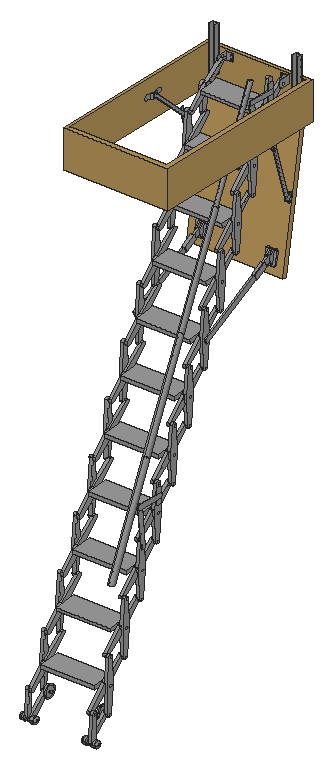
Revit family "schaartrap_Large elec 700x1200 mm", category Generic Models, Revit 2019 (continued)
Automatic sketch dimensions
  Extrusion 88 sketch curve to plane 21 = 66.968 mm
  Extrusion 88 sketch curve to Extrusion 88 sketch curve = 13.998 mm
  Extrusion 88 sketch curve to plane 22 = 41.542 mm
  Extrusion 88 sketch curve to Extrusion 88 sketch curve = 0 mm  (x12)
  Extrusion 88 sketch curve to Extrusion 88 sketch curve = 6.458 mm
  Extrusion 88 sketch curve to Extrusion 88 sketch curve = 20 mm  (x10)
  Extrusion 88 sketch curve to Extrusion 88 sketch curve = 6.002 mm
  Extrusion 98 sketch curve to plane 20 = 2.056 mm
  Extrusion 98 sketch curve to plane 1 "Center (Front/Back)" = 155.896 mm
  Extrusion 98 sketch curve to plane 12 = 38.814 mm
  Extrusion 98 sketch curve to plane 22 = 207.245 mm
  Extrusion 98 sketch curve to plane 22 = 198.978 mm
  Extrusion 98 sketch curve to plane 19 = 35.672 mm
  plane 22 to Extrusion 98 sketch curve = 1104.638 mm
  Extrusion 98 sketch curve to Extrusion 98 sketch curve = 10.94 mm
  Extrusion 98 sketch curve to Extrusion 98 sketch curve = 0 mm  (x3)
  Extrusion 100 sketch curve to plane 1 "Center (Front/Back)" = 20 mm
  level to Extrusion 100 sketch curve = 20 mm
  Sweep 101 sketch curve to Sweep 101 sketch curve = 0 mm  (x2)
  Sweep 101 sketch curve to plane 1 "Center (Front/Back)" = 0 mm
  Sweep 101 sketch curve to Sweep 101 sketch curve = 20 mm
  level to Sweep 101 sketch curve = 20 mm
  Sweep 101 sketch curve to profile plane = 0 mm  (x2)
  Sweep 101 sketch curve to profile plane = 7.976 mm
  Sweep 101 sketch curve to Sweep 101 sketch curve = 2.281 mm
  Extrusion 102 sketch curve to plane 1 "Center (Front/Back)" = 20 mm
  level to Extrusion 102 sketch curve = 20 mm
  Sweep 103 sketch curve to Sweep 103 sketch curve = 0 mm  (x2)
  Sweep 103 sketch curve to plane 1 "Center (Front/Back)" = 0 mm
  Sweep 103 sketch curve to Sweep 103 sketch curve = 20 mm
  level to Sweep 103 sketch curve = 20 mm
  profile plane to Sweep 103 sketch curve = 0 mm
  Sweep 103 sketch curve to profile plane = 0 mm
  profile plane to Sweep 103 sketch curve = 7.976 mm
  Sweep 103 sketch curve to Sweep 103 sketch curve = 2.281 mm
  Extrusion 32 sketch curve to Extrusion 14 = 49.106 mm
  Extrusion 32 sketch curve to Extrusion 32 sketch curve = 10 mm  (x3)
  Extrusion 32 sketch curve to Extrusion 32 sketch curve = 73.838 mm
  Extrusion 32 sketch curve to Extrusion 32 sketch curve = 0 mm
  Extrusion 14 to Extrusion 32 sketch curve = 51.5 mm
  Extrusion 32 sketch curve to Extrusion 32 sketch curve = 51 mm
  Extrusion 41 sketch curve to Extrusion 14 = 49.106 mm
  Extrusion 41 sketch curve to Extrusion 41 sketch curve = 10 mm  (x3)
  Extrusion 41 sketch curve to Extrusion 41 sketch curve = 73.838 mm
  Extrusion 41 sketch curve to Extrusion 41 sketch curve = 0 mm
  Extrusion 14 to Extrusion 41 sketch curve = 122.5 mm
  Extrusion 41 sketch curve to Extrusion 41 sketch curve = 51 mm
  Extrusion 46 sketch curve to plane 17 = 44.5 mm
  Extrusion 46 sketch curve to Extrusion 46 sketch curve = 60 mm
  Extrusion 46 sketch curve to plane 17 = 10 mm
  Extrusion 53 sketch curve to plane 16 = 44.5 mm
  Extrusion 53 sketch curve to Extrusion 53 sketch curve = 60 mm
  Extrusion 53 sketch curve to plane 16 = 10 mm
  Extrusion 87 sketch curve to Extrusion 87 sketch curve = 0 mm  (x6)
  Extrusion 87 sketch curve to plane 17 = 25 mm
  Extrusion 87 sketch curve to Extrusion 87 sketch curve = 2 mm
  Extrusion 87 sketch curve to Extrusion 87 sketch curve = 1.001 mm
  plane 9 to Extrusion 87 sketch curve = 32.5 mm
  Extrusion 87 sketch curve to Extrusion 87 sketch curve = 1 mm
  Extrusion 87 sketch curve to plane 22 = 56 mm
  Extrusion 87 sketch curve to Extrusion 87 sketch curve = 26.999 mm
  Extrusion 89 sketch curve to Extrusion 89 sketch curve = 0 mm  (x4)
  Extrusion 89 sketch curve to plane 16 = 25 mm
  Extrusion 89 sketch curve to Extrusion 89 sketch curve = 2 mm
  Extrusion 89 sketch curve to Extrusion 89 sketch curve = 1.001 mm
  plane 7 to Extrusion 89 sketch curve = 32.5 mm
  Extrusion 89 sketch curve to Extrusion 89 sketch curve = 1 mm
  Extrusion 89 sketch curve to plane 22 = 26 mm
  Extrusion 89 sketch curve to Extrusion 89 sketch curve = 27 mm
  Extrusion 89 sketch curve to Extrusion 89 sketch curve = 26.999 mm
  curve 19 to plane 3 "Center (Left/Right)" = 25.981 mm
  plane 3 "Center (Left/Right)" to curve 16 = 25.981 mm
  curve 16 to plane 22 = 45 mm
  curve 1 to plane 1 "Center (Front/Back)" = 81.45 mm
  plane 23 to curve 1 = 137.015 mm
  plane 23 to curve 14 = 137.015 mm
  plane 23 to curve 13 = 137.015 mm
  curve 13 to curve 12 = 131.247 mm
  curve 12 to curve 11 = 131.246 mm
  curve 11 to curve 10 = 131.246 mm
  curve 10 to curve 9 = 131.246 mm
  curve 9 to curve 7 = 131.246 mm
  curve 7 to curve 6 = 131.246 mm
  curve 6 to curve 8 = 131.246 mm
  plane 17 to Extrusion 42 sketch curve = 1 mm
  Extrusion 42 sketch curve to plane 22 = 539.25 mm
  Extrusion 48 sketch curve to plane 20 = 0 mm
  Extrusion 48 sketch curve to plane 22 = 539.25 mm
  plane 16 to Extrusion 75 sketch curve = 1 mm
  Extrusion 75 sketch curve to plane 22 = 440.75 mm
  Extrusion 76 sketch curve to plane 19 = 0 mm
  Extrusion 76 sketch curve to plane 22 = 440.75 mm
  Extrusion 77 sketch curve to plane 21 = 7.045 mm
  Extrusion 77 sketch curve to plane 22 = 497.67 mm
  Extrusion 78 sketch curve to plane 12 = 57.668 mm
  Extrusion 78 sketch curve to plane 22 = 247.804 mm
  Extrusion 79 sketch curve to plane 8 = 0 mm
  Extrusion 79 sketch curve to plane 22 = 99.409 mm
  Extrusion 80 sketch curve to plane 22 = 77.381 mm
  Extrusion 81 sketch curve to plane 10 = 9.236 mm
  Extrusion 82 sketch curve to plane 22 = 105.409 mm
  Extrusion 85 sketch curve to plane 6 = 0 mm
  Extrusion 85 sketch curve to plane 22 = 26 mm
  Extrusion 86 sketch curve to plane 11 = 9.236 mm
  curve 8 to plane 10 = 0 mm
  curve 12 to plane 11 = 0 mm
  curve 13 to plane 10 = 0 mm
  curve 14 to plane 11 = 0 mm
  curve 16 to plane 3 "Center (Left/Right)" = 0 mm
  curve 18 to plane 3 "Center (Left/Right)" = 0 mm
  curve 19 to plane 3 "Center (Left/Right)" = 0 mm
  curve 5 to plane 14 = 0 mm
  curve 9 to plane 10 = 0 mm
  curve 11 to plane 10 = 0 mm
  curve 10 to plane 10 = 0 mm
  curve 12 to plane 10 = 0 mm
  curve 6 to plane 10 = 0 mm
  curve 7 to plane 10 = 0 mm
  curve 15 to plane 3 "Center (Left/Right)" = 0 mm
  curve 11 to plane 11 = 0 mm
  curve 8 to plane 11 = 0 mm
  curve 7 to plane 11 = 0 mm
  curve 6 to plane 11 = 0 mm
  curve 9 to plane 11 = 0 mm
  curve 10 to plane 11 = 0 mm
  curve 3 to plane 13 = 0 mm
  curve 2 to plane 23 = 0 mm
  curve 3 to plane 22 = 0 mm
  curve 14 to plane 22 = 0 mm
  curve 13 to plane 22 = 0 mm
  curve 18 to plane 22 = 0 mm
  curve 16 to plane 22 = 0 mm
  curve 15 to curve 17 = 0 mm
  curve 20 to plane 3 "Center (Left/Right)" = 0 mm
  curve 24 to plane 3 "Center (Left/Right)" = 0 mm
  plane 3 "Center (Left/Right)" to curve 21 = 34.056 mm
  curve 20 to curve 21 = 0 mm
  curve 20 to curve 24 = 117.973 mm
  curve 24 to plane 3 "Center (Left/Right)" = 34.056 mm
  curve 20 to curve 20 = 3660.24 mm
  Sweep 15 sketch curve to profile plane = 320 mm
  Sweep 15 sketch curve to profile plane = 70 mm
  Extrusion 57 sketch curve to Extrusion 57 sketch curve = 0 mm  (x102)
  Extrusion 57 sketch curve to Extrusion 57 sketch curve = 131.247 mm  (x6)
  Extrusion 57 sketch curve to Extrusion 57 sketch curve = 131.246 mm  (x18)
  Extrusion 57 sketch curve to Extrusion 57 sketch curve = 131.245 mm  (x3)
  Extrusion 57 sketch curve to Extrusion 57 sketch curve = 727.322 mm
  Extrusion 57 sketch curve to Extrusion 57 sketch curve = 10.989 mm
  Extrusion 57 sketch curve to Extrusion 57 sketch curve = 14.186 mm
  Extrusion 57 sketch curve to Extrusion 57 sketch curve = 9.23 mm
  Extrusion 57 sketch curve to Extrusion 57 sketch curve = 123.947 mm
  Extrusion 57 sketch curve to Extrusion 57 sketch curve = 8.573 mm
  Extrusion 57 sketch curve to Extrusion 57 sketch curve = 122.979 mm  (x2)
  Extrusion 57 sketch curve to Extrusion 57 sketch curve = 122.98 mm  (x7)
  Extrusion 57 sketch curve to Extrusion 57 sketch curve = 194.417 mm
  Extrusion 57 sketch curve to Extrusion 57 sketch curve = 2.408 mm
  Extrusion 57 sketch curve to Extrusion 57 sketch curve = 863.213 mm
  Extrusion 57 sketch curve to Extrusion 57 sketch curve = 131.305 mm
  Extrusion 57 sketch curve to Extrusion 57 sketch curve = 122.92 mm
  Extrusion 57 sketch curve to Extrusion 57 sketch curve = 136.849 mm
  Extrusion 57 sketch curve to Extrusion 57 sketch curve = 282.824 mm  (x6)
  Extrusion 57 sketch curve to Extrusion 57 sketch curve = 282.832 mm  (x18)
  Extrusion 57 sketch curve to Extrusion 57 sketch curve = 401.434 mm
  Extrusion 57 sketch curve to Extrusion 57 sketch curve = 11.889 mm
  Extrusion 57 sketch curve to Extrusion 57 sketch curve = 105.882 mm
  Extrusion 57 sketch curve to Extrusion 57 sketch curve = 6.895 mm
  Extrusion 57 sketch curve to Extrusion 57 sketch curve = 282.84 mm  (x3)
  Extrusion 57 sketch curve to Extrusion 57 sketch curve = 56.314 mm
  Extrusion 57 sketch curve to Extrusion 57 sketch curve = 282.071 mm
  Extrusion 57 sketch curve to Extrusion 57 sketch curve = 57.067 mm  (x2)
  Extrusion 57 sketch curve to Extrusion 57 sketch curve = 57.075 mm  (x6)
  Extrusion 57 sketch curve to Extrusion 57 sketch curve = 57.083 mm
  Extrusion 57 sketch curve to Extrusion 57 sketch curve = 525.346 mm
  Extrusion 57 sketch curve to Extrusion 57 sketch curve = 224.77 mm
  Extrusion 57 sketch curve to Extrusion 57 sketch curve = 56.573 mm
  Extrusion 57 sketch curve to Extrusion 57 sketch curve = 260.546 mm
  Extrusion 57 sketch curve to Extrusion 57 sketch curve = 321.693 mm
  Extrusion 57 sketch curve to Extrusion 57 sketch curve = 2.322 mm
  Extrusion 57 sketch curve to Extrusion 57 sketch curve = 8.303 mm  (x10)
  Extrusion 57 sketch curve to Extrusion 57 sketch curve = 21.833 mm  (x2)
  Extrusion 57 sketch curve to Extrusion 57 sketch curve = 7.139 mm
  Extrusion 57 sketch curve to Extrusion 57 sketch curve = 0.03 mm
  Extrusion 57 sketch curve to Extrusion 57 sketch curve = 13.769 mm  (x10)
  Extrusion 57 sketch curve to Extrusion 57 sketch curve = 21.832 mm  (x7)
  Extrusion 57 sketch curve to Extrusion 57 sketch curve = 6.187 mm  (x10)
  Extrusion 57 sketch curve to Extrusion 57 sketch curve = 0.004 mm  (x10)
  Extrusion 57 sketch curve to Extrusion 57 sketch curve = 8.529 mm  (x10)
  Extrusion 57 sketch curve to Extrusion 57 sketch curve = 21.892 mm
  Extrusion 57 sketch curve to Extrusion 57 sketch curve = 7.709 mm
  Extrusion 57 sketch curve to Extrusion 57 sketch curve = 142.785 mm
  Extrusion 57 sketch curve to Extrusion 57 sketch curve = 9.477 mm
  Extrusion 57 sketch curve to Extrusion 57 sketch curve = 6.201 mm
  Extrusion 57 sketch curve to Extrusion 57 sketch curve = 8.102 mm
  Extrusion 57 sketch curve to Extrusion 57 sketch curve = 0.035 mm
  Extrusion 57 sketch curve to Extrusion 57 sketch curve = 78.552 mm
  Extrusion 1 sketch curve to Extrusion 1 sketch curve = 0 mm  (x102)
  Extrusion 1 sketch curve to Extrusion 1 sketch curve = 131.247 mm  (x6)
  Extrusion 1 sketch curve to Extrusion 1 sketch curve = 131.246 mm  (x18)
  Extrusion 1 sketch curve to Extrusion 1 sketch curve = 131.245 mm  (x3)
  Extrusion 1 sketch curve to Extrusion 1 sketch curve = 727.322 mm
  Extrusion 1 sketch curve to Extrusion 1 sketch curve = 10.989 mm
  Extrusion 1 sketch curve to Extrusion 1 sketch curve = 14.186 mm
  Extrusion 1 sketch curve to Extrusion 1 sketch curve = 9.23 mm
  Extrusion 1 sketch curve to Extrusion 1 sketch curve = 123.947 mm
  Extrusion 1 sketch curve to Extrusion 1 sketch curve = 8.573 mm
  Extrusion 1 sketch curve to Extrusion 1 sketch curve = 122.979 mm  (x2)
  Extrusion 1 sketch curve to Extrusion 1 sketch curve = 122.98 mm  (x7)
  Extrusion 1 sketch curve to Extrusion 1 sketch curve = 194.417 mm
  Extrusion 1 sketch curve to Extrusion 1 sketch curve = 2.408 mm
  Extrusion 1 sketch curve to Extrusion 1 sketch curve = 863.213 mm
  Extrusion 1 sketch curve to Extrusion 1 sketch curve = 131.305 mm
  Extrusion 1 sketch curve to Extrusion 1 sketch curve = 122.92 mm
  Extrusion 1 sketch curve to Extrusion 1 sketch curve = 136.849 mm
  Extrusion 1 sketch curve to Extrusion 1 sketch curve = 282.824 mm  (x6)
  Extrusion 1 sketch curve to Extrusion 1 sketch curve = 282.832 mm  (x18)
  Extrusion 1 sketch curve to Extrusion 1 sketch curve = 401.434 mm
  Extrusion 1 sketch curve to Extrusion 1 sketch curve = 11.889 mm
  Extrusion 1 sketch curve to Extrusion 1 sketch curve = 105.882 mm
  Extrusion 1 sketch curve to Extrusion 1 sketch curve = 6.895 mm
  Extrusion 1 sketch curve to Extrusion 1 sketch curve = 282.84 mm  (x3)
  Extrusion 1 sketch curve to Extrusion 1 sketch curve = 56.314 mm
  Extrusion 1 sketch curve to Extrusion 1 sketch curve = 282.071 mm
  Extrusion 1 sketch curve to Extrusion 1 sketch curve = 57.067 mm  (x2)
  Extrusion 1 sketch curve to Extrusion 1 sketch curve = 57.075 mm  (x6)
  Extrusion 1 sketch curve to Extrusion 1 sketch curve = 57.083 mm
  Extrusion 1 sketch curve to Extrusion 1 sketch curve = 525.346 mm
  Extrusion 1 sketch curve to Extrusion 1 sketch curve = 224.77 mm
  Extrusion 1 sketch curve to Extrusion 1 sketch curve = 56.573 mm
  Extrusion 1 sketch curve to Extrusion 1 sketch curve = 260.546 mm
  Extrusion 1 sketch curve to Extrusion 1 sketch curve = 321.693 mm
  Extrusion 1 sketch curve to Extrusion 1 sketch curve = 2.322 mm
  Extrusion 1 sketch curve to Extrusion 1 sketch curve = 8.303 mm  (x10)
  Extrusion 1 sketch curve to Extrusion 1 sketch curve = 21.833 mm  (x2)
  Extrusion 1 sketch curve to Extrusion 1 sketch curve = 7.139 mm
  Extrusion 1 sketch curve to Extrusion 1 sketch curve = 0.03 mm
  Extrusion 1 sketch curve to Extrusion 1 sketch curve = 13.769 mm  (x10)
  Extrusion 1 sketch curve to Extrusion 1 sketch curve = 21.832 mm  (x7)
  Extrusion 1 sketch curve to Extrusion 1 sketch curve = 6.187 mm  (x10)
  Extrusion 1 sketch curve to Extrusion 1 sketch curve = 0.004 mm  (x10)
  Extrusion 1 sketch curve to Extrusion 1 sketch curve = 8.529 mm  (x10)
  Extrusion 1 sketch curve to Extrusion 1 sketch curve = 21.892 mm
  Extrusion 1 sketch curve to Extrusion 1 sketch curve = 7.709 mm
  Extrusion 1 sketch curve to Extrusion 1 sketch curve = 142.785 mm
  Extrusion 1 sketch curve to Extrusion 1 sketch curve = 9.477 mm
  Extrusion 1 sketch curve to Extrusion 1 sketch curve = 6.201 mm
  Extrusion 1 sketch curve to Extrusion 1 sketch curve = 8.102 mm
  Extrusion 1 sketch curve to Extrusion 1 sketch curve = 0.035 mm
  Extrusion 1 sketch curve to Extrusion 1 sketch curve = 78.552 mm
  Extrusion 8 sketch curve to Extrusion 8 sketch curve = 0 mm  (x102)
  Extrusion 8 sketch curve to Extrusion 8 sketch curve = 131.247 mm  (x6)
  Extrusion 8 sketch curve to Extrusion 8 sketch curve = 131.246 mm  (x18)
  Extrusion 8 sketch curve to Extrusion 8 sketch curve = 131.245 mm  (x3)
  Extrusion 8 sketch curve to Extrusion 8 sketch curve = 727.322 mm
  Extrusion 8 sketch curve to Extrusion 8 sketch curve = 10.989 mm
  Extrusion 8 sketch curve to Extrusion 8 sketch curve = 14.186 mm
  Extrusion 8 sketch curve to Extrusion 8 sketch curve = 9.23 mm
  Extrusion 8 sketch curve to Extrusion 8 sketch curve = 123.947 mm
  Extrusion 8 sketch curve to Extrusion 8 sketch curve = 8.573 mm
  Extrusion 8 sketch curve to Extrusion 8 sketch curve = 122.979 mm  (x2)
  Extrusion 8 sketch curve to Extrusion 8 sketch curve = 122.98 mm  (x7)
  Extrusion 8 sketch curve to Extrusion 8 sketch curve = 194.417 mm
  Extrusion 8 sketch curve to Extrusion 8 sketch curve = 2.408 mm
  Extrusion 8 sketch curve to Extrusion 8 sketch curve = 863.213 mm
  Extrusion 8 sketch curve to Extrusion 8 sketch curve = 131.305 mm
  Extrusion 8 sketch curve to Extrusion 8 sketch curve = 122.92 mm
  Extrusion 8 sketch curve to Extrusion 8 sketch curve = 136.849 mm
  Extrusion 8 sketch curve to Extrusion 8 sketch curve = 282.824 mm  (x6)
  Extrusion 8 sketch curve to Extrusion 8 sketch curve = 282.832 mm  (x18)
  Extrusion 8 sketch curve to Extrusion 8 sketch curve = 401.434 mm
  Extrusion 8 sketch curve to Extrusion 8 sketch curve = 11.889 mm
  Extrusion 8 sketch curve to Extrusion 8 sketch curve = 105.882 mm
  Extrusion 8 sketch curve to Extrusion 8 sketch curve = 6.895 mm
  Extrusion 8 sketch curve to Extrusion 8 sketch curve = 282.84 mm  (x3)
  Extrusion 8 sketch curve to Extrusion 8 sketch curve = 56.314 mm
  Extrusion 8 sketch curve to Extrusion 8 sketch curve = 282.071 mm
  Extrusion 8 sketch curve to Extrusion 8 sketch curve = 57.067 mm  (x2)
  Extrusion 8 sketch curve to Extrusion 8 sketch curve = 57.075 mm  (x6)
  Extrusion 8 sketch curve to Extrusion 8 sketch curve = 57.083 mm
  Extrusion 8 sketch curve to Extrusion 8 sketch curve = 525.346 mm
  Extrusion 8 sketch curve to Extrusion 8 sketch curve = 224.77 mm
  Extrusion 8 sketch curve to Extrusion 8 sketch curve = 56.573 mm
  Extrusion 8 sketch curve to Extrusion 8 sketch curve = 260.546 mm
  Extrusion 8 sketch curve to Extrusion 8 sketch curve = 321.693 mm
  Extrusion 8 sketch curve to Extrusion 8 sketch curve = 2.322 mm
  Extrusion 8 sketch curve to Extrusion 8 sketch curve = 8.303 mm  (x10)
  Extrusion 8 sketch curve to Extrusion 8 sketch curve = 21.833 mm  (x2)
  Extrusion 8 sketch curve to Extrusion 8 sketch curve = 7.139 mm
  Extrusion 8 sketch curve to Extrusion 8 sketch curve = 0.03 mm
  Extrusion 8 sketch curve to Extrusion 8 sketch curve = 13.769 mm  (x10)
  Extrusion 8 sketch curve to Extrusion 8 sketch curve = 21.832 mm  (x7)
  Extrusion 8 sketch curve to Extrusion 8 sketch curve = 6.187 mm  (x10)
  Extrusion 8 sketch curve to Extrusion 8 sketch curve = 0.004 mm  (x10)
  Extrusion 8 sketch curve to Extrusion 8 sketch curve = 8.529 mm  (x10)
  Extrusion 8 sketch curve to Extrusion 8 sketch curve = 21.892 mm
  Extrusion 8 sketch curve to Extrusion 8 sketch curve = 7.709 mm
  Extrusion 8 sketch curve to Extrusion 8 sketch curve = 142.785 mm
  Extrusion 8 sketch curve to Extrusion 8 sketch curve = 9.477 mm
  Extrusion 8 sketch curve to Extrusion 8 sketch curve = 6.201 mm
  Extrusion 8 sketch curve to Extrusion 8 sketch curve = 8.102 mm
  Extrusion 8 sketch curve to Extrusion 8 sketch curve = 0.035 mm
  Extrusion 8 sketch curve to Extrusion 8 sketch curve = 78.552 mm
  Extrusion 99 sketch curve to plane 21 = 3.654 mm
  Extrusion 99 sketch curve to plane 12 = 39.234 mm
  Extrusion 99 sketch curve to plane 19 = 17.539 mm
  Extrusion 99 sketch curve to Extrusion 99 sketch curve = 3.674 mm
  Extrusion 99 sketch curve to plane 19 = 38.989 mm
  Extrusion 99 sketch curve to Extrusion 99 sketch curve = 21.002 mm
  Extrusion 99 sketch curve to Extrusion 99 sketch curve = 10.55 mm
  Extrusion 99 sketch curve to Extrusion 99 sketch curve = 0 mm  (x2)
  Extrusion 99 sketch curve to plane 19 = 21.92 mm
  Extrusion 99 sketch curve to Extrusion 99 sketch curve = 20.819 mm
  Extrusion 99 sketch curve to plane 23 = 210.986 mm
  plane 20 to Extrusion 54 sketch curve = 19.034 mm
  plane 20 to Extrusion 88 sketch curve = 19.034 mm
  plane 25 "Center L/S" to Extrusion 98 sketch curve = 51.086 mm
  Extrusion 54 sketch curve to plane 19 = 10.966 mm
  Extrusion 54 sketch curve to plane 20 = 0.966 mm
  Extrusion 80 sketch curve to Extrusion 80 sketch curve = 0 mm
  Extrusion 80 sketch curve to plane 25 "Center L/S" = 36.701 mm
  plane 20 to Extrusion 81 sketch curve = 35.249 mm
  plane 20 to Extrusion 82 sketch curve = 25 mm
  Extrusion 83 sketch curve to Extrusion 83 sketch curve = 0 mm
  Extrusion 83 sketch curve to plane 25 "Center L/S" = 36.701 mm
  Extrusion 84 sketch curve to Extrusion 84 sketch curve = 0 mm
  Extrusion 84 sketch curve to plane 25 "Center L/S" = 36.701 mm
  Extrusion 86 sketch curve to plane 25 "Center L/S" = 21.001 mm
  Extrusion 88 sketch curve to plane 20 = 0.966 mm
  Extrusion 88 sketch curve to plane 21 = 5.966 mm
  radius of Sweep 16 sketch curve = 20 mm
  radius of Sweep 17 sketch curve = 17.5 mm
  radius of Sweep 18 sketch curve = 15 mm
  radius of Sweep 19 sketch curve = 12.5 mm
  radius of Sweep 23 sketch curve = 20 mm
  radius of Sweep 24 sketch curve = 17.5 mm
  radius of Sweep 25 sketch curve = 15 mm
  radius of Sweep 26 sketch curve = 12.5 mm
  radius of Extrusion 45 sketch curve = 4 mm
  radius of Extrusion 47 sketch curve = 4 mm
  radius of Extrusion 10 sketch curve = 5.05 mm  (x29)
  radius of Extrusion 10 sketch curve = 5 mm
  radius of Extrusion 3 sketch curve = 5.05 mm  (x29)
  radius of Extrusion 3 sketch curve = 5 mm
  radius of Extrusion 55 sketch curve = 21 mm  (x11)
  radius of Extrusion 68 sketch curve = 4 mm
  radius of Extrusion 69 sketch curve = 4 mm
  radius of Extrusion 59 sketch curve = 5.05 mm  (x29)
  radius of Extrusion 59 sketch curve = 5 mm
  radius of Extrusion 74 sketch curve = 21 mm  (x11)
  radius of Extrusion 37 sketch curve = 5.25 mm  (x2)
  radius of Extrusion 33 sketch curve = 5.25 mm  (x2)
  radius of Extrusion 63 sketch curve = 5.25 mm  (x2)
  radius of Extrusion 54 sketch curve = 5.25 mm  (x14)
  radius of Extrusion 70 sketch curve = 20 mm
  radius of Extrusion 72 sketch curve = 20 mm
  radius of Extrusion 88 sketch curve = 5.25 mm  (x14)
  radius of Extrusion 100 sketch curve = 20 mm
  radius of Extrusion 102 sketch curve = 20 mm
